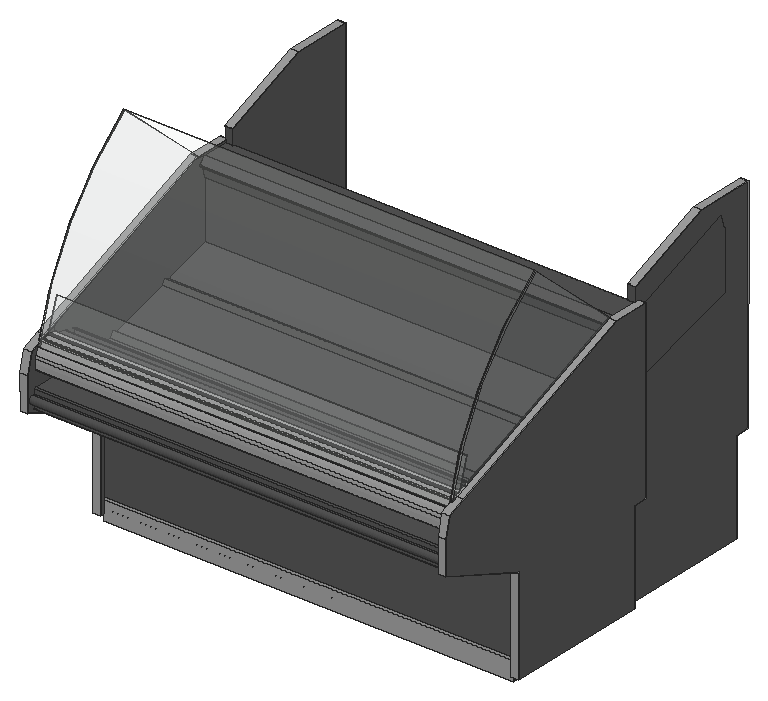
Revit family "DSFI-CG_2014", category Specialty Equipment, Revit 2014 (continued)
Connectors (in)
  piping at (-20.36949, -29, 0), diameter 0.375, driven by "Refrig. Liquid", driven by "Refrigeration Lines Liquid"
    settings: on Extrusion 25, index 18, connector inside diameter 3/8", connector length 0", flow factor 0, pipe flow 0 GPM, pressure drop 0.00 psi, fitting loss kfactor 0, connector angle 0.00°, fixture units 0, engagement length 0", angle of deflection 0.00°, flow configuration 0, flow direction 1, fitting loss method 0, system type 22, joint type 0, gender type 0, connector reference index -1, connector utility 0, adjustable connector no, is connector primary no, connector description "Liquid"
  piping at (-21.99449, -29, 0), diameter 0.625, driven by "Refrig. Suction", driven by "Refrigeration Lines Suction"
    settings: on Extrusion 26, index 19, connector inside diameter 7/8", connector length 0", flow factor 0, pipe flow 0 GPM, pressure drop 0.00 psi, fitting loss kfactor 0, connector angle 0.00°, fixture units 0, engagement length 0", angle of deflection 0.00°, flow configuration 0, flow direction 2, fitting loss method 0, system type 22, joint type 0, gender type 0, connector reference index -1, connector utility 0, adjustable connector no, is connector primary no, connector description "Suction"
  piping at (-71.18199, -25.125, 0), diameter 1.5, driven by "Waste Drain"
    settings: on Extrusion 27, index 20, connector inside diameter 1 1/4", connector length 0", flow factor 0, pipe flow 0 GPM, pressure drop 0.00 psi, fitting loss kfactor 0, connector angle 0.00°, fixture units 0, engagement length 0", angle of deflection 0.00°, flow configuration 0, flow direction 0, fitting loss method 0, system type 16, joint type 0, gender type 0, connector reference index -1, connector utility 0, adjustable connector no, is connector primary no, connector description ""
Definition of nested family "Light"
  Parameters (values of type "Light")
    Wattage = 16.1571 W
    built-in parameter 1150110 = 1 (stored number, unit not read)
    built-in parameter 1114217 = 1 (stored number, unit not read)
    built-in parameter 1150109 = 1 (stored number, unit not read)
    built-in parameter 1150134 = (empty or 0)
    built-in parameter 1150113 = 1 (stored number, unit not read)
    Lumens = 2400 lm
    built-in parameter 1150115 = 1 (stored number, unit not read)
    built-in parameter 1150105 = 763.94 (stored number, unit not read)
    Light Source Symbol Size = 24"
    built-in parameter 1150137 = (empty or 0)
    built-in parameter 1150139 = (empty or 0)
    Lense = none
    Length = 24"
    built-in parameter 1150112 = 1 (stored number, unit not read)
    built-in parameter 1150114 = 1 (stored number, unit not read)
    built-in parameter 1150132 = 2
    built-in parameter 1150102 = (empty or 0)
    built-in parameter 1150138 = (empty or 0)
    built-in parameter 1150107 = 6100 (stored number, unit not read)
    built-in parameter 1150106 = 7.6394 (stored number, unit not read)
    Emit from Line Length = Length  # 24"
    built-in parameter 1150104 = 13.8 (stored number, unit not read)
    Dimming Lamp Color Temperature Shift = (empty or 0)
    Color Filter = 16777215
    Casing = none
    built-in parameter 1114218 = 1 (stored number, unit not read)
    built-in parameter 1150133 = 10 (stored number, unit not read)
  Reference planes (in)
    plane 1 "Light Source Axis (F/B)": y = -8.60801
    plane 2: z = 0
    plane 3 "Light Source Axis (L/R)": x = 0
    plane 4 "Light Source Elevation": z = 52.5
    plane 5: z = 0
    plane 6 "Left": x = -12
    plane 7 "Right": x = 12
  Lines and regions (in)
    model lines
      curve 1: line (-12, -8.60801, 52.5) -> (12, -8.60801, 52.5)
  Dimensions and locks (in)
    equal spacing: plane 7 "Right", plane 3 "Light Source Axis (L/R)", plane 6 "Left"
    "Length": plane 7 "Right" to plane 6 "Left"
    aligned and locked: plane 3 "Light Source Axis (L/R)" to imposter light
    aligned and locked: plane 1 "Light Source Axis (F/B)" to imposter light
    aligned and locked: plane 4 "Light Source Elevation" to imposter light
    aligned and locked: level to plane 5
  Automatic sketch dimensions
    plane 1 "Light Source Axis (F/B)" to curve 1 = 0"
    curve 1 to plane 6 "Left" = 0"
    curve 1 to plane 7 "Right" = 0"
Types (4): name | Width | Right Drain Location from Right | Left Drain Location from Left
  2'-0" Length | 24" | 12" | 6 1/4"
  3'-0" Length | 36" | 18" | 6 1/8"
  4'-0" Length | 48" | 18 1/8" | 5"
  5'-0" Length | 60" | 18 1/8" | 5"
